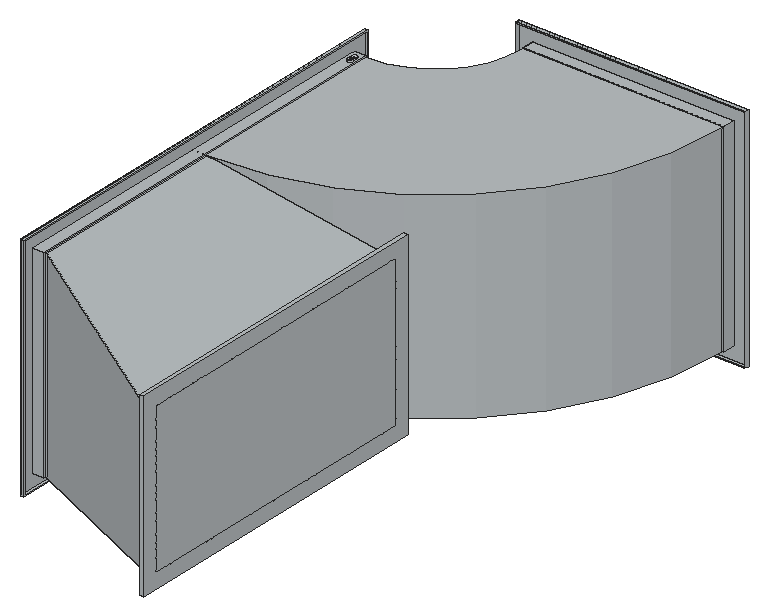
Revit family "NLRS_57_DUF_UN_broekstuk_bocht_verloop_nijburg", category Duct Fittings, Revit 2020
Family settings
  Round Connector Dimension = Use Diameter
  Part Type = Tee
  Work Plane-Based = No
  Always vertical = Yes
  Cut with Voids When Loaded = No
  Shared = No
Parameters (values of type "R=170 (std)")
  Waarde OffsetWidth [instance] = if(NPR_Switch5, NPR_c01_verloop_breedte / 2, if(NPR_Switch2, (NLRS_M_c03_breedte / 2), if(NPR_Switch1, NPR_c01_verloop_breedte - (NLRS_M_c03_breedte / 2), OffsetWidth)))  # 100 mm
  Waarde OffsetHeight [instance] = if(NPR_Switch6, NLRS_M_c01_hoogte / 2, if(NPR_Switch4, ((NLRS_M_c03_hoogte) / 2), if(NPR_Switch3, NLRS_M_c01_hoogte - (NLRS_M_c03_hoogte / 2), OffsetHeight)))  # 200 mm
  built-in parameter 1114242 [instance] = 1 = 0  # (empty or 0)
  Tophoek_vertkaal [instance] = if(and(not(Hoek_bovenzijde < 0.00°), not(Hoek_onderzijde < 0.00°)), Hoek_bovenzijde + Hoek_onderzijde, if(abs(Hoek_bovenzijde) > abs(Hoek_onderzijde), abs(Hoek_bovenzijde), abs(Hoek_onderzijde)))  # 16.4264°
  Tophoek_horizontaal [instance] = if(and(not(Hoek_links < 0.00°), not(Hoek_rechts < 0.00°)), Hoek_links + Hoek_rechts, if(abs(Hoek_links) > abs(Hoek_rechts), abs(Hoek_links), abs(Hoek_rechts)))  # 30.00°
  OffsetWidth voor [instance] = if(NPR_Switch5, "Centrisch", if(NPR_Switch1, "Linkerzijde vlak", "Rechterzijde vlak"))  # "Linkerzijde vlak"
  OffsetHeigth voor [instance] = if(NPR_Switch6, "Centrisch", if(NPR_Switch3, "Bovenzijde vlak", "Onderzijde vlak"))  # "Centrisch"
  NPR_c03_snelheid [instance] = NLRS_M_c03_debiet / (NLRS_M_c03_breedte * NLRS_M_c03_hoogte)  # 0.0 m/s
  NPR_c02_snelheid [instance] = NLRS_M_c02_debiet / (NLRS_M_c02_breedte * NLRS_M_c02_hoogte)  # 0.0 m/s
  NPR_c01_verloop_breedte [instance] = if(or(NLRS_M_c01_debiet = 0.0 m³/h, NLRS_M_c02_debiet = 0.0 m³/h, NLRS_M_c03_debiet = 0.0 m³/h), NLRS_M_c01_breedte / 2, (NLRS_M_c01_breedte / NLRS_M_c01_debiet) * NLRS_M_c03_debiet)  # 400 mm
  NPR_c01_snelheid [instance] = NLRS_M_c01_debiet / (NLRS_M_c01_breedte * NLRS_M_c01_hoogte)  # 0.0 m/s
  NPR_c01_bocht_breedte [instance] = NLRS_M_c01_breedte - NPR_c01_verloop_breedte  # 400 mm
  NPR_Waarschuwing2 [instance] = if(Hoek_links < 0.00°, "Verloop overlapt bocht!", " ")  # " "
  NPR_Waarschuwing [instance] = if(NPR_Toegepaste_hoek = NLRS_M_c02_hoek, " ", "Ongeldige hoek!")  # " "
  NPR_Switch6 [instance] = OffsetHeight Setting < 1  # yes
  NPR_Switch5 [instance] = OffsetWidth Setting < 1  # no
  NPR_Switch4 [instance] = OffsetHeight Setting > 2  # no
  NPR_Switch3 [instance] = OffsetHeight Setting = 1  # no
  NPR_Switch2 [instance] = OffsetWidth Setting > 1  # no
  NPR_Switch1 [instance] = OffsetWidth Setting = 1  # yes
  NPR_Radius = 170 mm
  NPR_Offset4_2 [instance] = if(NLRS_M_c03_hoogte < NLRS_M_c01_hoogte, if(and(Hoek_onderzijde < 0.00°, not(Hoek_bovenzijde < 0.00°)), -NPR_Number3, if(and(Hoek_bovenzijde < 0.00°, not(Hoek_onderzijde < 0.00°)), -NPR_Number4, 0)), if(and(Hoek_onderzijde < 0.00°, not(Hoek_bovenzijde < 0.00°)), NPR_Number4, if(and(Hoek_bovenzijde < 0.00°, not(Hoek_onderzijde < 0.00°)), NPR_Number3, 0))) * 1 mm  # 0 mm
  NPR_Offset3_2 [instance] = if(NLRS_M_c03_breedte < NPR_c01_verloop_breedte, if(and(Hoek_links < 0.00°, not(Hoek_rechts < 0.00°)), -NPR_Number2, if(and(Hoek_rechts < 0.00°, not(Hoek_links < 0.00°)), -NPR_Number1, 0)), if(and(Hoek_links < 0.00°, not(Hoek_rechts < 0.00°)), NPR_Number1, if(and(Hoek_rechts < 0.00°, not(Hoek_links < 0.00°)), NPR_Number2, 0))) * 1 mm  # 0 mm
  NPR_Offset2_2 [instance] = 3048 mm - (NLRS_M_c01_hoogte / 2) + OffsetHeight  # 3048 mm
  NPR_Offset1_2 [instance] = 3048 mm - (NPR_c01_verloop_breedte / 2) + OffsetWidth  # 2948 mm
  NPR_Number4 [instance] = (NLRS_M_c01_hoogte - (NLRS_M_c03_hoogte / 2) - OffsetHeight) / 1 mm  # 50
  NPR_Number3 [instance] = OffsetHeight / 1 mm - (NLRS_M_c03_hoogte / 2 mm)  # 50
  NPR_Number2 [instance] = (NPR_c01_verloop_breedte - (NLRS_M_c03_breedte / 2) - OffsetWidth) / 1 mm  # 0
  NPR_Number1 [instance] = OffsetWidth / 1 mm - (NLRS_M_c03_breedte / 2 mm)  # -200
  NPR_Luka_m²_part2 [instance] = if(NPR_c01_verloop_breedte + NLRS_M_c01_hoogte > NLRS_M_c03_breedte + NLRS_M_c03_hoogte, NPR_c01_verloop_breedte + NLRS_M_c01_hoogte, NLRS_M_c03_breedte + NLRS_M_c03_hoogte) * 2 * (NLRS_C_lengte + NPR_Offset3_2 + NPR_Offset4_2)  # 0.731538 m²
  NPR_Luka_m²_part1 [instance] = ((if(NPR_c01_bocht_breedte > NLRS_M_c02_breedte, NPR_c01_bocht_breedte, NLRS_M_c02_breedte) + NLRS_M_c01_hoogte) * 2 * NPR_L1)  # 1.92 m²
  NPR_Luka_m² [instance] = NPR_Luka_m²_part1 + NPR_Luka_m²_part2  # 2.65154 m²
  NPR_L6 [instance] = if(abs(NLRS_M_c01_hoogte - (NLRS_M_c03_hoogte / 2 + OffsetHeight)) / tan(30.00°) + (NPR_S1_2 + NPR_S3) < 201 mm, 201 mm - (NPR_S1_2 + NPR_S3), abs(NLRS_M_c01_hoogte - (NLRS_M_c03_hoogte / 2 + OffsetHeight)) / tan(30.00°))  # 141 mm
  NPR_L5 [instance] = if(abs(NLRS_M_c03_hoogte / 2 - OffsetHeight) / tan(30.00°) + (NPR_S1_2 + NPR_S3) < 201 mm, 201 mm - (NPR_S1_2 + NPR_S3), abs(NLRS_M_c03_hoogte / 2 - OffsetHeight) / tan(30.00°))  # 141 mm
  NPR_L4 [instance] = if(abs(NPR_c01_verloop_breedte - (NLRS_M_c03_breedte / 2 + OffsetWidth)) / tan(30.00°) + (NPR_S1_2 + NPR_S3) < 201 mm, 201 mm - (NPR_S1_2 + NPR_S3), abs(NPR_c01_verloop_breedte - (NLRS_M_c03_breedte / 2 + OffsetWidth)) / tan(30.00°))  # 141 mm
  NPR_L3 [instance] = if(abs(NLRS_M_c03_breedte / 2 - OffsetWidth) / tan(30.00°) + (NPR_S1_2 + NPR_S3) < 201 mm, 201 mm - (NPR_S1_2 + NPR_S3), abs(NLRS_M_c03_breedte / 2 - OffsetWidth) / tan(30.00°))  # 346.41 mm
  NPR_L2 [instance] = if(if(NPR_L4 > NPR_L3, NPR_L4, NPR_L3) > if(NPR_L5 > NPR_L6, NPR_L5, NPR_L6), if(NPR_L4 > NPR_L3, NPR_L4, NPR_L3), if(NPR_L5 > NPR_L6, NPR_L5, NPR_L6)) + (NPR_S1_2 + NPR_S3)  # 406.41 mm
  NPR_Handmatige_lengte [instance] = 500 mm
  NPR_Artikelcode = "RHKV"  # constant formula
  Hoek_bovenzijde [instance] = (atan(NPR_Number4 / ((NLRS_C_lengte - NPR_S1_2 - NPR_S3) / 1 mm)))  # 8.21321°
  Hoek_rechts [instance] = (atan(NPR_Number1 / ((NLRS_C_lengte - NPR_S1_2 - NPR_S3) / 1 mm)))  # -30.00°
  Hoek_onderzijde [instance] = (atan(NPR_Number3 / ((NLRS_C_lengte - NPR_S1_2 - NPR_S3) / 1 mm)))  # 8.21321°
  Hoek_links [instance] = (atan(NPR_Number2 / ((NLRS_C_lengte - NPR_S1_2 - NPR_S3) / 1 mm)))  # 0.00°
  OffsetHeight Setting [instance] = 0
  URL = "https://nijburg-klimaattechniek.nl/oplossingen/rechthoekige-kanalen/"
  Type Comments = ""
  OffsetWidth [instance] = 100 mm
  OffsetHeight [instance] = 200 mm
  NPR_snelheid_geldig [instance] = if(NPR_Gewenste_snelheid > 0.0 m/s, NPR_Gewenste_snelheid, 1.0 m/s)  # 5.0 m/s
  NPR_c03_recht [instance] = 30 mm
  NPR_c03_aanbevolen_hoogte [instance] = round(if(NPR_Gewenste_snelheid > 0.0 m/s, (NLRS_M_c03_debiet / NPR_snelheid_geldig) / NLRS_M_c03_breedte, 0 mm) / 1 mm) * 1 mm  # 0 mm
  NPR_c03_aanbevolen_breedte [instance] = round(if(NPR_Gewenste_snelheid > 0.0 m/s, (NLRS_M_c03_debiet / NPR_snelheid_geldig) / NLRS_M_c03_hoogte, 0 mm) / 1 mm) * 1 mm  # 0 mm
  NPR_c02_recht [instance] = 30 mm
  NPR_c02_aanbevolen_breedte [instance] = round(if(NPR_Gewenste_snelheid > 0.0 m/s, (NLRS_M_c02_debiet / NPR_snelheid_geldig) / NLRS_M_c01_hoogte, 0 mm) / 1 mm) * 1 mm  # 0 mm
  NPR_c01_recht_verloop [instance] = 30 mm
  NPR_c01_recht_bocht [instance] = 30 mm
  NPR_c01_aanbevolen_breedte [instance] = round(if(NPR_Gewenste_snelheid > 0.0 m/s, (NLRS_M_c01_debiet / NPR_snelheid_geldig) / NLRS_M_c01_hoogte, 0 mm) / 1 mm) * 1 mm  # 0 mm
  NPR_Toegepaste_hoek [instance] = if(NLRS_M_c02_hoek < NPR_Minimale_hoek, NPR_Minimale_hoek, if(NLRS_M_c02_hoek > 90.00°, 90.00°, NLRS_M_c02_hoek))  # 90.00°
  NPR_S3 [instance] = if(NPR_c03_recht < 30 mm, 30 mm, NPR_c03_recht)  # 30 mm
  NPR_S2_Buiten_ver [instance] = NLRS_M_c02_breedte * cos(NPR_Toegepaste_hoek)  # 0 mm
  NPR_S2_Buiten_hor [instance] = NLRS_M_c02_breedte * sin(NPR_Toegepaste_hoek)  # 400 mm
  NPR_S2_Binnen_ver [instance] = NPR_S2 * sin(NPR_Toegepaste_hoek)  # 30 mm
  NPR_S2_Binnen_hor [instance] = NPR_S2 * cos(NPR_Toegepaste_hoek)  # 0 mm
  NPR_S2 [instance] = if(NPR_c02_recht < 30 mm, 30 mm, NPR_c02_recht)  # 30 mm
  NPR_S1_2 [instance] = if(NPR_c01_recht_verloop < 30 mm, 30 mm, NPR_c01_recht_verloop)  # 30 mm
  NPR_S1 [instance] = if(NPR_c01_recht_bocht < 30 mm, 30 mm, NPR_c01_recht_bocht)  # 30 mm
  NPR_Offset5 [instance] = (NPR_Buitenradius_Links * cos(NPR_Toegepaste_hoek))  # 0 mm
  NPR_Offset4 [instance] = NPR_Radius - (NPR_Radius * cos(NPR_Toegepaste_hoek))  # 170 mm
  NPR_Offset3 [instance] = NPR_Radius * sin(NPR_Toegepaste_hoek)  # 170 mm
  NPR_Offset2 [instance] = NPR_Buitenradius_Links * sin(NPR_Toegepaste_hoek)  # 570 mm
  NPR_Offset1 [instance] = if(NLRS_M_c02_breedte > NPR_c01_bocht_breedte, (NPR_Grote_breedte - NPR_Buitenradius_Links) * sin(NPR_Toegepaste_hoek), 0 mm)  # 0 mm
  NPR_Minimale_hoek [instance] = if(roundup((90.00° - asin(NPR_Kleine_breedte / NPR_Grote_breedte)) / 1.00°) * 1.00° < 5.00°, 5.00°, roundup((90.00° - asin(NPR_Kleine_breedte / NPR_Grote_breedte)) / 1.00°) * 1.00°)  # 5.00°
  NPR_L1 [instance] = (NPR_Buitenradius_Links * tan(NPR_Toegepaste_hoek / 2)) + if(NPR_c01_bocht_breedte > NLRS_M_c02_breedte, NPR_S1, NPR_S2) + (NPR_Buitenradius_Links * tan(NPR_Toegepaste_hoek / 2)) + ((NPR_Grote_breedte - NPR_Buitenradius_Links) * cos(90.00° - NPR_Toegepaste_hoek)) + if(NPR_c01_bocht_breedte > NLRS_M_c02_breedte, NPR_S2, NPR_S1)  # 1200 mm
  NPR_Kleine_breedte [instance] = if(NPR_c01_bocht_breedte > NLRS_M_c02_breedte, NLRS_M_c02_breedte, NPR_c01_bocht_breedte) + NPR_Radius  # 570 mm
  NPR_Forceer_lengte [instance] = no
  NPR_Grote_breedte [instance] = if(NPR_c01_bocht_breedte > NLRS_M_c02_breedte, NPR_c01_bocht_breedte, NLRS_M_c02_breedte) + NPR_Radius  # 570 mm
  NPR_Gewenste_snelheid [instance] = 5.0 m/s
  NPR_Forceer_Schoepen [instance] = no
  NPR_Checked_hoek [instance] = if(NPR_Toegepaste_hoek = 90.00°, 1.00°, NPR_Toegepaste_hoek)  # 1.00°
  NPR_Center_Offset1 [instance] = if(NPR_Toegepaste_hoek = 90.00°, NPR_Radius + (NLRS_M_c02_breedte / 2), if(not(NPR_c01_bocht_breedte < NLRS_M_c02_breedte), (NPR_Calc_Radius1 / cos(NPR_Checked_hoek / 2)) * sin(NPR_Checked_hoek / 2), (NPR_Calc_Radius1 * tan(NPR_Checked_hoek / 2 / 2)) + (((NPR_Grote_breedte - NPR_Radius) / 2 + NPR_Radius - NPR_Calc_Radius1) * cos(90.00° - NPR_Checked_hoek / 2))))  # 370 mm
  NPR_Calc_Radius1 [instance] = if(NPR_Toegepaste_hoek = 90.00°, ((((NPR_Kleine_breedte - NPR_Radius) / 2) + NPR_Radius)), (((((NPR_Kleine_breedte - NPR_Radius) / 2) + NPR_Radius)) / cos(NPR_Checked_hoek) - ((((NPR_Grote_breedte - NPR_Radius) / 2) + NPR_Radius))) * tan(90.00° - NPR_Checked_hoek) * tan((180.00° - NPR_Checked_hoek) / 2))  # 370 mm
  NPR_Buitenradius_Links [instance] = if(NPR_Toegepaste_hoek = 90.00°, NPR_Kleine_breedte, (NPR_Kleine_breedte / cos(NPR_Checked_hoek) - NPR_Grote_breedte) * tan(90.00° - NPR_Checked_hoek) * tan((180.00° - NPR_Checked_hoek) / 2))  # 570 mm
  NLRS_M_c03_hoogte [instance] = 300 mm
  NLRS_M_c03_debiet [instance] = 0.0 m³/h
  NLRS_M_c03_breedte [instance] = 600 mm
  NLRS_M_c02_hoogte [instance] = NLRS_M_c01_hoogte  # 400 mm
  NLRS_M_c02_hoek [instance] = 90.00°
  NLRS_M_c02_debiet [instance] = 0.0 m³/h
  NLRS_M_c01_debiet [instance] = NLRS_M_c02_debiet + NLRS_M_c03_debiet  # 0.0 m³/h
  NLRS_M_c01_breedte [instance] = 800 mm
  NLRS_M_c02_breedte [instance] = 400 mm
  NLRS_M_c01_hoogte [instance] = 400 mm
  NLRS_C_model = Model  # "Broekstuk bocht+verloop"
  NLRS_C_lengte [instance] = if(NPR_Forceer_lengte, NPR_Handmatige_lengte, NPR_L2)  # 406.41 mm
  NLRS_C_description = Description  # "Rechthoekig broekstuk - bocht+verloop"
  NLRS_C_content_versie = "1.20.00"  # constant formula
  NLRS_C_content_provider = "Nijburg Klimaattechniek"  # constant formula
  NLRS_C_content_datum_gewijzigd = "04-05-2023"  # constant formula
  NLRS_C_content_creator = "J.Feeke"  # constant formula
  Model = "Broekstuk bocht+verloop"  # constant formula
  Manufacturer = "Nijburg Products"  # constant formula
  OffsetWidth Setting [instance] = 1
  Description = "Rechthoekig broekstuk - bocht+verloop"  # constant formula
  Default Elevation = 0 mm
  Assembly Code = "57.70"
Types (5, lengths in mm): name | NPR_Radius | NPR_Luka_m²_part1 | NPR_Luka_m² | Type Comments | NPR_Offset4 | NPR_Offset3 | NPR_Offset2 | NPR_L1 | NPR_Kleine_breedte | NPR_Grote_breedte | NPR_Center_Offset1 | NPR_Calc_Radius1 | NPR_Buitenradius_Links
  (no name) | 170 | 1.92 m² | 2.65154 m² | "" | 170 | 170 | 570 | 1200 | 570 | 570 | 370 | 370 | 570
  R=100 | 100 | 1.696 m² | 2.42754 m² | "RHKV" | 100 | 100 | 500 | 1060 | 500 | 500 | 300 | 300 | 500
  R=120 | 120 | 1.76 m² | 2.49154 m² | "RHKV" | 120 | 120 | 520 | 1100 | 520 | 520 | 320 | 320 | 520
  R=150 | 150 | 1.856 m² | 2.58754 m² | "RHKV" | 150 | 150 | 550 | 1160 | 550 | 550 | 350 | 350 | 550
  R=170 (std) | 170 | 1.92 m² | 2.65154 m² | "" | 170 | 170 | 570 | 1200 | 570 | 570 | 370 | 370 | 570
Reference planes
  plane 1 "Center Rhor": y = -2630.953
  plane 2: z = 0
  plane 3 "Center Rvert": x = 0
  plane 4 "c1": x = -30
  plane 5 "C1_Inner": y = -2800.953
  plane 6 "Inner_Hor": x = 170
  plane 7 "W1": y = -3200.953
  plane 8 "Inner_ver": y = -2630.953
  plane 9: x = 570
  plane 10 "c1_center": y = -3000.953
  plane 11 "Offset_Hor": x = 0
  plane 12: y = -2630.953
  plane 13: y = -2630.953
  plane 14: y = -2600.953
  plane 15: x = 570
  plane 16 "W2": y = -2600.953
  plane 17 "W3": x = 170
  plane 18 "Top": z = 200
  plane 19 "Bottom": z = -200
  plane 20: x = 370
  plane 21: y = -3200.953
  plane 22 "Verloop_links": x = -30
  plane 23: x = 376.41
  plane 24 "Verloop_Back": y = -3200.953
  plane 25 "Verloop_Front": y = -3600.953
  plane 26 "W16": x = 0
  plane 27 "Verloop_Rechts": x = 346.41
  plane 28 "c03_right": y = -3800.953
  plane 29: y = -6448.953
  plane 30 "c03_left": y = -3200.953
  plane 31: y = -3400.953
  plane 32: y = -3500.953
  plane 33: z = -3048
  plane 34 "Verloop_c03_Top": z = 150
  plane 35 "Verloop_c03_Bottom": z = -150
  plane 36: z = 0
Forms (mm)
  Extrusion 1, solid, material "NLRS_57_sendzimir verzinkt_gen_sacs"
    sketch origin (0, 0, 0) x (1, 0, 0) y (0, 1, 0)
      loop
        line (0, -2800.953) -> (-30, -2800.953) -> (-30, -3200.953) -> (0, -3200.953)
        arc (0, -3200.953) -> (403.051, -3034.004) -> (570, -2630.953) r 570
        line (570, -2630.953) -> (570, -2600.953) -> (170, -2600.953) -> (170, -2630.953)
        arc (170, -2630.953) -> (120.208, -2751.161) -> (0, -2800.953) r 170
    from -200 to 200
  Extrusion 2, solid, not visible
    sketch origin (-268.7, -3498.89, 0) x (1, 0, 0) y (0, 1, 0)
      loop
        arc (542.644, 302.937) -> (537.644, 297.937) -> (542.644, 292.937) r 5
        line (542.644, 292.937) -> (542.644, 297.937) -> (547.644, 292.937) -> (547.644, 297.937) -> (542.644, 302.937)
    from 0 to 2
  Extrusion 3, solid, not visible
    sketch origin (278.945, -3200.953, 0) x (1, 0, 0) y (0, 1, 0)
      loop
        arc (5, -5) -> (10, 0) -> (5, 5) r 5
        line (5, 5) -> (5, 0) -> (0, 5) -> (0, 0) -> (5, -5)
    from 0 to 2
  Blend 4, solid, material "NLRS_57_sendzimir verzinkt_gen_sacs"
    base sketch origin (-30, 0, 0) x (0, -1, 0) y (0, 0, -1)
      loop
        line (3200.953, -200) -> (3600.953, -200) -> (3600.953, 200) -> (3200.953, 200) -> (3200.953, -200)
    top sketch origin (-30, 0, 0) x (0, -1, 0) y (0, 0, -1)
      loop
        line (3200.953, -150) -> (3800.953, -150) -> (3800.953, 150) -> (3200.953, 150) -> (3200.953, -150)
    from 30 to 376.41
  Extrusion 5, solid, material "NLRS_57_sendzimir verzinkt_gen_sacs"
    sketch origin (0, 0, 0) x (1, 0, 0) y (0, 1, 0)
      loop
        line (-30, -3200.953) -> (-30, -3600.953) -> (0, -3600.953) -> (0, -3200.953) -> (-30, -3200.953)
    from -200 to 200
  Extrusion 6, solid, material "NLRS_57_sendzimir verzinkt_gen_sacs"
    sketch origin (-30, 0, 0) x (0, -1, 0) y (0, 0, -1)
      loop
        line (3200.953, -150) -> (3800.953, -150) -> (3800.953, 150) -> (3200.953, 150) -> (3200.953, -150)
    from 376.41 to 406.41
  Sweep 7, solid, material "NLRS_57_sendzimir verzinkt_gen_sacs"
    path in 3D
      loop
        line (376.41, -3800.953, 150) -> (376.41, -3800.953, -150) -> (376.41, -3200.953, -150) -> (376.41, -3200.953, 150) -> (376.41, -3800.953, 150)
    profile "DW_Profile : Kanaal" origin (376.41, -3500.953, 150) x (1, 0, 0) y (0, 0, 1)
      loop
        line (-25, 0) -> (0, 0) -> (0, 29) -> (-7.5, 29) -> (-7.5, 28) -> (-1, 28) -> (-1, 1) -> (-25, 1) -> (-25, 0)
  Sweep 8, solid, material "NLRS_57_sendzimir verzinkt_gen_sacs"
    path in 3D
      loop
        line (-30, -3200.953, 200) -> (-30, -3600.953, 200) -> (-30, -3600.953, -200) -> (-30, -3200.953, -200) -> (-30, -2800.953, -200) -> (-30, -2800.953, 200) -> (-30, -3200.953, 200)
    profile "DW_Profile : Kanaal" origin (-30, -3000.953, 200) x (1, 0, 0) y (0, 0, 1)
      loop
        line (25, 0) -> (25, 1) -> (1, 1) -> (1, 28) -> (7.5, 28) -> (7.5, 29) -> (0, 29) -> (0, 0) -> (25, 0)
  Sweep 9, solid, material "NLRS_57_sendzimir verzinkt_gen_sacs"
    path in 3D
      loop
        line (170, -2600.953, 200) -> (170, -2600.953, -200) -> (570, -2600.953, -200) -> (570, -2600.953, 200) -> (170, -2600.953, 200)
    profile "DW_Profile : Kanaal" origin (370, -2600.953, 200) x (0, -1, 0) y (0, 0, 1)
      loop
        line (25, 0) -> (25, 1) -> (1, 1) -> (1, 28) -> (7.5, 28) -> (7.5, 29) -> (0, 29) -> (0, 0) -> (25, 0)
Cuts and joins
  joined: Blend 4, Extrusion 5, Extrusion 6
Lines and regions (mm)
  sketch lines
    curve 1: line (376.41, -3200.953, 150) -> (376.41, -3800.953, 150)
    curve 2: line (376.41, -3200.953, -150) -> (376.41, -3200.953, 150)
    curve 3: line (376.41, -3800.953, -150) -> (376.41, -3200.953, -150)
    curve 4: line (376.41, -3800.953, 150) -> (376.41, -3800.953, -150)
    curve 5: line (-30, -2800.953, 200) -> (-30, -3200.953, 200)
    curve 6: line (-30, -3200.953, 200) -> (-30, -3600.953, 200)
    curve 7: line (-30, -3600.953, 200) -> (-30, -3600.953, -200)
    curve 8: line (-30, -3600.953, -200) -> (-30, -3200.953, -200)
    curve 9: line (-30, -3200.953, -200) -> (-30, -2800.953, -200)
    curve 10: line (-30, -2800.953, 200) -> (-30, -2800.953, -200)
    curve 11: line (570, -2600.953, 200) -> (170, -2600.953, 200)
    curve 12: line (570, -2600.953, 200) -> (570, -2600.953, -200)
    curve 13: line (170, -2600.953, -200) -> (570, -2600.953, -200)
    curve 14: line (170, -2600.953, 200) -> (170, -2600.953, -200)
Dimensions and locks
  "NPR_S1": plane 4 "c1" to plane 3 "Center Rvert"
  "NPR_Offset3": plane 6 "Inner_Hor" to plane 3 "Center Rvert"
  "NPR_Radius": plane 5 "C1_Inner" to plane 1 "Center Rhor"
  "NPR_c01_bocht_breedte": plane 7 "W1" to plane 5 "C1_Inner"
  "NPR_Offset4": plane 8 "Inner_ver" to plane 5 "C1_Inner"
  "NPR_Offset1": plane 3 "Center Rvert" to plane 11 "Offset_Hor"
  "NPR_Buitenradius_Links": plane 7 "W1" to plane 13
  "NPR_Offset5": plane 12 to plane 13
  "NPR_Offset2": plane 11 "Offset_Hor" to plane 9
  "NPR_S2_Binnen_hor": plane 6 "Inner_Hor" to plane 17 "W3"
  "NPR_S2_Binnen_ver": plane 16 "W2" to plane 8 "Inner_ver"
  locked: plane 15 to Extrusion 1 sketch curve
  locked: Extrusion 1 sketch curve to plane 14
  locked: plane 16 "W2" to Extrusion 1 sketch curve  (x2)
  locked: plane 17 "W3" to Extrusion 1 sketch curve
  plane 16 "W2" to Extrusion 1 sketch curve = 0 mm
  "NPR_S2_Buiten_hor": plane 17 "W3" to plane 15
  "NPR_S2_Buiten_ver": plane 16 "W2" to plane 14
  equal spacing: plane 5 "C1_Inner", plane 10 "c1_center", plane 7 "W1"
  equal spacing: plane 18 "Top", level, plane 19 "Bottom"
  "NLRS_M_c01_hoogte": plane 18 "Top" to plane 19 "Bottom"
  "NPR_Center_Offset1": plane 3 "Center Rvert" to plane 20
  locked: plane 7 "W1" to plane 21
  locked: plane 5 "C1_Inner" to nested 7 at 20
  locked: plane 4 "c1" to nested 7 at 15
  locked: plane 5 "C1_Inner" to nested 8 at 20
  locked: plane 4 "c1" to nested 8 at 15
  locked: plane 21 to plane 24 "Verloop_Back"
  "NPR_c01_verloop_breedte": plane 24 "Verloop_Back" to plane 25 "Verloop_Front"
  "NLRS_C_lengte": plane 23 to plane 22 "Verloop_links"
  "NPR_S1_2": plane 22 "Verloop_links" to plane 26 "W16"
  "NPR_S3": plane 27 "Verloop_Rechts" to plane 23
  "NLRS_M_c03_breedte": plane 30 "c03_left" to plane 28 "c03_right"
  equal spacing: plane 24 "Verloop_Back", plane 31, plane 25 "Verloop_Front"
  equal spacing: plane 30 "c03_left", plane 32, plane 28 "c03_right"
  "NPR_Offset1_2": plane 32 to plane 29
  locked: plane 31 to plane 29 at 3048
  locked: level to plane 33 at 3048
  equal spacing: plane 34 "Verloop_c03_Top", plane 36, plane 35 "Verloop_c03_Bottom"
  "NPR_Offset2_2": plane 36 to plane 33
  "NLRS_M_c03_hoogte": plane 34 "Verloop_c03_Top" to plane 35 "Verloop_c03_Bottom"
  plane 36 to plane 19 "Bottom" = 200 mm
  "NPR_Radius": radius of Extrusion 1 sketch curve
  "NPR_Buitenradius_Links": radius of Extrusion 1 sketch curve
  "NPR_Toegepaste_hoek": angle Extrusion 1 sketch curve to Extrusion 1 sketch curve  (x2)
  angle cut or joined group of Blend 4, Extrusion 5, Extrusion 6 to plane 25 "Verloop_Front" = 30.00°
  angle plane 24 "Verloop_Back" to cut or joined group of Blend 4, Extrusion 5, Extrusion 6 = 0.00°
  aligned and locked: level to plane 2
  aligned and locked: plane 5 "C1_Inner" to Extrusion 1 sketch curve
  aligned and locked: Extrusion 1 sketch curve to plane 3 "Center Rvert"
  aligned and locked: plane 11 "Offset_Hor" to Extrusion 1 sketch curve
  aligned and locked: plane 7 "W1" to Extrusion 1 sketch curve
  aligned and locked: plane 4 "c1" to Extrusion 1 sketch curve
  aligned and locked: Extrusion 1 to plane 18 "Top"
  aligned and locked: Extrusion 1 to plane 19 "Bottom"
  aligned and locked: nested 1 to plane 3 "Center Rvert"
  aligned and locked: plane 1 "Center Rhor" to nested 1
  aligned and locked: nested 3 to plane 3 "Center Rvert"
  aligned and locked: plane 1 "Center Rhor" to nested 3
  aligned and locked: nested 2 to plane 3 "Center Rvert"
  aligned and locked: plane 1 "Center Rhor" to nested 2
  aligned and locked: plane 1 "Center Rhor" to nested 4
  aligned and locked: nested 6 to plane 3 "Center Rvert"
  aligned and locked: plane 1 "Center Rhor" to nested 6
  aligned and locked: nested 4 to plane 3 "Center Rvert"
  aligned and locked: plane 1 "Center Rhor" to nested 5
  aligned and locked: nested 5 to plane 3 "Center Rvert"
  aligned and locked: Blend 4 sketch curve to plane 30 "c03_left"
  aligned and locked: plane 28 "c03_right" to Blend 4 sketch curve
  aligned and locked: Blend 4 sketch curve to plane 34 "Verloop_c03_Top"
  aligned and locked: plane 35 "Verloop_c03_Bottom" to Blend 4 sketch curve
  aligned and locked: plane 18 "Top" to Blend 4 sketch curve
  aligned and locked: Blend 4 sketch curve to plane 19 "Bottom"
  aligned and locked: Blend 4 to plane 27 "Verloop_Rechts"
  aligned and locked: Blend 4 to plane 26 "W16"
  aligned and locked: Extrusion 5 sketch curve to plane 24 "Verloop_Back"
  aligned and locked: plane 25 "Verloop_Front" to Extrusion 5 sketch curve
  aligned and locked: Extrusion 5 sketch curve to plane 26 "W16"
  aligned and locked: plane 22 "Verloop_links" to Extrusion 5 sketch curve
  aligned and locked: cut or joined group of Blend 4, Extrusion 5, Extrusion 6 to plane 19 "Bottom"
  aligned and locked: plane 18 "Top" to cut or joined group of Blend 4, Extrusion 5, Extrusion 6
  aligned and locked: Blend 4 sketch curve to plane 24 "Verloop_Back"
  aligned and locked: plane 25 "Verloop_Front" to Blend 4 sketch curve
  aligned and locked: Extrusion 6 sketch curve to plane 34 "Verloop_c03_Top"
  aligned and locked: plane 35 "Verloop_c03_Bottom" to Extrusion 6 sketch curve
  aligned and locked: plane 28 "c03_right" to Extrusion 6 sketch curve
  aligned and locked: Extrusion 6 to plane 23
  aligned and locked: Extrusion 6 to plane 27 "Verloop_Rechts"
  aligned and locked: Extrusion 6 sketch curve to plane 30 "c03_left"
Automatic sketch dimensions
  Extrusion 2 sketch curve to plane 7 "W1" = 0 mm
  plane 4 "c1" to Extrusion 2 sketch curve = 303.945 mm
  Extrusion 2 sketch curve to Extrusion 2 sketch curve = 5 mm  (x3)
  Extrusion 2 sketch curve to Extrusion 2 sketch curve = 0 mm  (x2)
  Extrusion 3 sketch curve to plane 7 "W1" = 0 mm  (x2)
  plane 4 "c1" to Extrusion 3 sketch curve = 308.945 mm
  Extrusion 3 sketch curve to Extrusion 3 sketch curve = 5 mm  (x3)
  Extrusion 3 sketch curve to Extrusion 3 sketch curve = 0 mm
Nested families
  nested 1: "schoep" at (0, -2630.953, 200), type "schoep1"
  nested 2: "schoep" at (0, -2630.953, 200), type "schoep3"
  nested 3: "schoep" at (0, -2630.953, 200), type "schoep2"
  nested 4: "schoep" at (0, -2630.953, -200), type "schoep1"
  nested 5: "schoep" at (0, -2630.953, -200), type "schoep3"
  nested 6: "schoep" at (0, -2630.953, -200), type "schoep2"
  nested 7: "logo_single" at (-15, -2820.953, 201) x (0, 1, 0) z (0, 0, 1), type "logo_single"
  nested 8: "logo_single" at (-15, -2820.953, -202) x (0, 1, 0) z (0, 0, 1), type "logo_single"
Connectors
  hvac at (-29, -3200.953, 0), driven by "NLRS_M_c01_hoogte", driven by "NLRS_M_c01_breedte"
    settings: on Sweep 8, index 1, duct flow 0.0 m³/h, flow factor 0, pres drop 0.0 Pa, loss coef 0, conn angle 0.00°, conn width 800 mm, conn height 400 mm, conn diameter 609.6 mm, duct sys type 28, conn prof type 1, flow config 0, flow direction 0, loss method 0, conn ref index 3, conn util no, is conn primary yes, conn desc ""
  hvac at (370, -2600.953, 0), driven by "NLRS_M_c01_hoogte", driven by "NLRS_M_c02_breedte"
    settings: on Sweep 9, index 2, duct flow 0.0 m³/h, flow factor 0, pres drop 0.0 Pa, loss coef 0, conn angle 0.00°, conn width 400 mm, conn height 400 mm, conn diameter 609.6 mm, duct sys type 28, conn prof type 1, flow config 0, flow direction 0, loss method 0, conn ref index -1, conn util no, is conn primary no, conn desc ""
  hvac at (376.41, -3500.953, 0), driven by "NLRS_M_c03_hoogte", driven by "NLRS_M_c03_breedte"
    settings: on cut or joined group of Blend 4, Extrusion 5, Extrusion 6, index 3, duct flow 0.0 m³/h, flow factor 0, pres drop 0.0 Pa, loss coef 0, conn angle 0.00°, conn width 600 mm, conn height 300 mm, conn diameter 609.6 mm, duct sys type 28, conn prof type 1, flow config 0, flow direction 0, loss method 0, conn ref index 1, conn util no, is conn primary no, conn desc ""
Definition of nested family "logo_single"
  Parameters (values of type "logo_single")
    t = 5 mm
    Model = "LOD 400"
    Description = "Model type"
    Default Elevation = 1219.2 mm
  Reference planes
    plane 1 "Center (Front/Back)": y = 0
    plane 2: z = 0
    plane 3 "Center (Left/Right)": x = 0
    plane 4: z = 2
    plane 5: x = -10
    plane 6: y = -5
    plane 7: y = 5
    plane 8: x = -5
    plane 9: x = 5
    plane 10: x = 10
  Forms (mm)
    Extrusion 1, solid
      sketch origin (-547.644, -297.937, 0) x (1, 0, 0) y (0, 1, 0)
        loop
          arc (542.644, 302.937) -> (537.644, 297.937) -> (542.644, 292.937) r 5
          line (542.644, 292.937) -> (542.644, 297.937) -> (547.644, 292.937) -> (547.644, 297.937) -> (542.644, 302.937)
      from 0 to 2
    Extrusion 2, solid
      sketch origin (0, 0, 0) x (1, 0, 0) y (0, 1, 0)
        loop
          arc (5, -5) -> (10, 0) -> (5, 5) r 5
          line (5, 5) -> (5, 0) -> (0, 5) -> (0, 0) -> (5, -5)
      from 0 to 2
  Dimensions and locks
    "t": plane 7 to plane 1 "Center (Front/Back)"
    "t": plane 6 to plane 1 "Center (Front/Back)"
    "t": plane 5 to plane 8
    "t": plane 8 to plane 3 "Center (Left/Right)"
    "t": plane 3 "Center (Left/Right)" to plane 9
    "t": plane 9 to plane 10
    aligned and locked: level to plane 2
    aligned and locked: plane 4 to Extrusion 1
  Automatic sketch dimensions
    plane 1 "Center (Front/Back)" to Extrusion 1 sketch curve = 0 mm  (x3)
    Extrusion 1 sketch curve to plane 8 = 0 mm
    Extrusion 1 sketch curve to plane 7 = 0 mm
    Extrusion 1 sketch curve to plane 3 "Center (Left/Right)" = 0 mm
    Extrusion 1 sketch curve to plane 6 = 0 mm
    Extrusion 2 sketch curve to plane 3 "Center (Left/Right)" = 0 mm
    plane 1 "Center (Front/Back)" to Extrusion 2 sketch curve = 0 mm  (x3)
    Extrusion 2 sketch curve to plane 6 = 0 mm
    Extrusion 2 sketch curve to plane 9 = 0 mm
    Extrusion 2 sketch curve to plane 7 = 0 mm
Definition of nested family "schoep"
  Parameters (values of type "schoep")
    Show_Schoep = and(not(Aantal_Schoepen < Schoepnr), or(NPR_Toegepaste_hoek > 45.00°, Override_Schoep))  # yes
    Schoepnr = 2
    Override_Schoep = yes
    NPR_Toegepaste_hoek = 50.00°
    NPR_S1 = 2.5 mm  # constant formula
    NPR_Radius = 1200 mm
    NPR_Offset5 = NPR_L1 + (NPR_Radius - (NPR_Radius * cos(NPR_Toegepaste_hoek))) + (NPR_S1 * sin(NPR_Toegepaste_hoek)) - (NPR_L2 * cos(NPR_Toegepaste_hoek))  # 630.619 mm
    NPR_Offset4 = NPR_Buitenradius - (NPR_Buitenradius * cos(NPR_Toegepaste_hoek))  # 628.704 mm
    NPR_Offset3 = NPR_Radius * sin(NPR_Toegepaste_hoek) + NPR_L2 * sin(NPR_Toegepaste_hoek) + NPR_S1 * cos(NPR_Toegepaste_hoek)  # 1457.091 mm
    NPR_Offset2 = NPR_Buitenradius * sin(NPR_Toegepaste_hoek)  # 1348.259 mm
    NPR_Offset1 = if(NPR_L2 > NPR_L1, (NPR_Grote_breedte - NPR_Buitenradius) * sin(NPR_Toegepaste_hoek), 0 mm)  # 107.225 mm
    NPR_L2 = if(Schoepnr = 1, if(Aantal_Schoepen = 3, NLRS_M_c02_breedte / 8, if(Aantal_Schoepen = 2, NLRS_M_c02_breedte / 4, NLRS_M_c02_breedte / 3)), if(Schoepnr = 2, if(Aantal_Schoepen = 3, NLRS_M_c02_breedte / 3, NLRS_M_c02_breedte / 2), NLRS_M_c02_breedte / 2))  # 700 mm
    NPR_L1 = if(Schoepnr = 1, if(Aantal_Schoepen = 3, NLRS_M_c01_breedte / 8, if(Aantal_Schoepen = 2, NLRS_M_c01_breedte / 4, NLRS_M_c01_breedte / 3)), if(Schoepnr = 2, if(Aantal_Schoepen = 3, NLRS_M_c01_breedte / 3, NLRS_M_c01_breedte / 2), NLRS_M_c01_breedte / 2))  # 650 mm
    NPR_Kleine_breedte = if(NPR_L1 > NPR_L2, NPR_L2, NPR_L1) + NPR_Radius  # 1850 mm
    NPR_Grote_breedte = if(NPR_L1 > NPR_L2, NPR_L1, NPR_L2) + NPR_Radius  # 1900 mm
    NPR_Checked_hoek = if(NPR_Toegepaste_hoek = 90.00°, 1.00°, NPR_Toegepaste_hoek)  # 50.00°
    NPR_Buitenradius = if(NPR_Toegepaste_hoek = 90.00°, NPR_Kleine_breedte, (NPR_Kleine_breedte / cos(NPR_Checked_hoek) - NPR_Grote_breedte) * tan(90.00° - NPR_Checked_hoek) * tan((180.00° - NPR_Checked_hoek) / 2))  # 1760.027 mm
    NLRS_M_c02_breedte = 1400 mm
    NLRS_M_c01_breedte = 1300 mm
    Default Elevation = 1219.2 mm
    Aantal_Schoepen = if(and(NLRS_M_c01_breedte > 1600 mm, NLRS_M_c02_breedte > 1600 mm), 3, if(and(NLRS_M_c01_breedte > 800 mm, NLRS_M_c02_breedte > 800 mm), 2, (if(and(NLRS_M_c01_breedte > 400 mm, NLRS_M_c02_breedte > 400 mm), 1, 0))))  # 2
  Reference planes
    plane 1 "Center (Front/Back)": y = 0
    plane 2: z = 0
    plane 3 "Center (Left/Right)": x = 0
    plane 4: y = -1200
    plane 5: y = -1850
    plane 6: x = 107.225
    plane 7: x = 1455.484
    plane 8: x = 1457.091
    plane 9: y = -1221.296
    plane 10: y = -1219.381
    plane 11: x = -2.5
  Lines and regions (mm)
    model lines, visible <- "Show_Schoep"
      curve 1: arc (107.225, -1850, 0) -> (851.045, -1685.099, 0) -> (1455.484, -1221.296, 0) r 1760.027
      curve 2: line (1455.484, -1221.296, 0) -> (1457.091, -1219.381, 0)
      curve 3: line (107.225, -1850, 0) -> (-2.5, -1850, 0)
  Dimensions and locks
    "NPR_Radius": plane 4 to plane 1 "Center (Front/Back)"
    "NPR_L1": plane 5 to plane 4
    "NPR_Offset1": plane 3 "Center (Left/Right)" to plane 6
    "NPR_Offset2": plane 7 to plane 6
    "NPR_Offset3": plane 3 "Center (Left/Right)" to plane 8
    "NPR_Offset4": plane 9 to plane 5
    "NPR_Offset5": plane 10 to plane 5
    locked: plane 8 to curve 2
    "NPR_S1": plane 11 to plane 3 "Center (Left/Right)"
    locked: plane 10 to curve 2
    "NPR_Buitenradius": radius of curve 1
    "NPR_Toegepaste_hoek": angle curve 1 to curve 1
    aligned and locked: level to plane 2
    aligned and locked: plane 5 to curve 1
    aligned and locked: plane 6 to curve 1
    aligned and locked: plane 11 to curve 3
